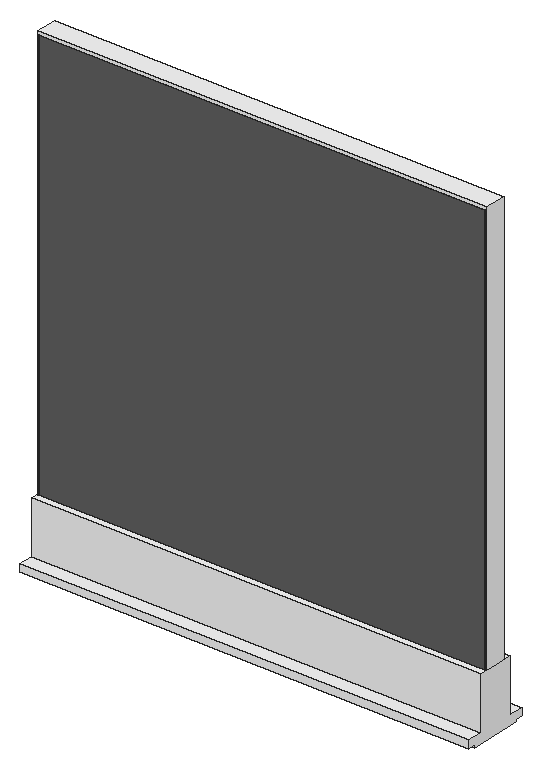
Revit family "Screen-Beam_Mounted-Teknion-JNSAFB_Fabric_Add-On-R2018", category Furniture, Revit 2018
Family settings
  OmniClass Number = 23.40.20.00
  OmniClass Title = General Furniture and Specialties
  Work Plane-Based = No
  Always vertical = Yes
  Cut with Voids When Loaded = No
  Shared = Yes
  Room Calculation Point = No
Parameters (values of type "Low Base Height (18")")
  Width Note [instance] = "This product has widths ranging from 24 to 84 inches in 6 inch increments."  # constant formula
  Width [instance] = 24.000"
  Warranty = "http://www.teknion.com/ca/papers/legal-canada"
  Unit Weight URL = "http://www.teknion.com/ca/tools/assets#&asset=bee6a381-b954-425e-8283-5a2de3a804f2,f828d448-4b62-4231-9e5f-9a8991c0ed77"
  URL = "www.teknion.com"
  Sustainability Data = "http://www.teknion.com/ca/tools/assets#&topic=216f99a5-57a0-44fc-b10a-9dee9b29ae4c&asset=444deb64-fe58-4b68-981e-f75e97781df7"
  Low Base Height = not(Standard Base Height)  # yes
  Has Standard Width [instance] = not(or(Has 120 Connection Width Reduction, Has Beam Full Width Reduction, Has Beam Half Width Reduction))  # no
  Series = "Expansion Cityline"  # constant formula
  Screen Metal Frame Finish [instance] = Mica - Teknion - V - Satin - Very White
  Right Offset [instance] = if(Has Beam Half Width Reduction, 0.847", if(Has Beam Full Width Reduction, 1.693", if(Has 120 Connection Width Reduction, 0.489", 0.000")))  # 0.489"
  Product Page URL = "http://www.teknion.com/ca/products/product-details?productlineid=9ad2a26e-8e7a-673b-a6c8-ff05004460c4"
  Product Line = "Expansion Cityline"  # constant formula
  Product Documentation Link = "http://www.teknion.com/pricing/expansion-cityline/pdfs/JNSAFB_ppg.pdf"
  Part Number = "JNSAFB"  # constant formula
  Model = "JNSAFBL_____"
  Manufacturer Phone = "416-661-3370"  # constant formula
  Manufacturer Fax = "416.661.4586"  # constant formula
  Manufacturer Contact Information = "http://www.teknion.com/ca/contactus"
  Manufacturer Address = "1150 Flint Road, Toronto, ON. M3J 2J5. Canada"  # constant formula
  Manufacturer = "Teknion"  # constant formula
  Left Offset [instance] = if(Has Beam Half Width Reduction, 0.847", if(Has Beam Full Width Reduction, 1.693", if(Has 120 Connection Width Reduction, 0.489", 0.000")))  # 0.489"
  Height Note [instance] = if(Low Base Height, "42 or 51 inches.", "42, 51, or 57 inches.")  # "42 or 51 inches."
  Height [instance] = 42.000"
  Standard Base Height = no
  Fabric Finish [instance] = Fabric-Teknion-RB11-Carbon
  Description = "Fabric Add-On Screen – Beam-Mounted on Center, Low Base Height (18 inches)"
  Has Beam Half Width Reduction [instance] = no
  Has Beam Full Width Reduction [instance] = no
  Base Height = 17.626"
  Assembly Code = "E2020200"
  Has 120 Connection Width Reduction [instance] = yes
Types (2): name | Low Base Height | Has Standard Width | Right Offset | Model | Left Offset | Height Note | Standard Base Height | Description | Base Height | Has 120 Connection Width Reduction
  Standard Base Height (28") | no | yes | 0.000" | "JNSAFBC_____" | 0.000" | "42, 51, or 57 inches." | yes | "Fabric Add-On Screen – Beam-Mounted on Center, Standard Base Height (28 inches)" | 27.81102" | no
  Low Base Height (18") | yes | no | 0.489" | "JNSAFBL_____" | 0.489" | "42 or 51 inches." | no | "Fabric Add-On Screen – Beam-Mounted on Center, Low Base Height (18 inches)" | 17.626" | yes
Reference planes (in)
  plane 1 "Center Front/Back": y = 0
  plane 2: z = 0
  plane 3 "Center Left/Right": x = -0.3805
  plane 4 "Left": x = -11.8915
  plane 5 "Right": x = 11.1305
  plane 6 "Back": y = 0.118
  plane 7 "Front": y = -0.118
  plane 8 "Top": z = 42
  plane 9: z = 17.626
  plane 10: z = 18.00002
  plane 11: z = 20.70474
  plane 12: y = -0.69488
  plane 13: y = 0.69488
  plane 14: y = 0.74988
  plane 15: y = -0.74988
  plane 16: x = -11.81276
  plane 17: x = 11.05176
  plane 18: y = 0.55217
  plane 19: y = -0.55217
  plane 20: z = 41.84252
  plane 21: x = -12.3805
  plane 22: x = 11.6195
Forms (in)
  Extrusion 1, solid, material "Mica - Teknion - V - Satin - Very White" <- "Screen Metal Frame Finish"
    sketch origin (-0.3805, 0, 0) x (0, 1, 0) y (0, 0, 1)
      loop
        line (1.69291, 17.626) -> (1.69291, 18.00002) -> (0.94488, 18.00002) -> (0.94488, 20.70474) -> (-0.03602, 20.70474) -> (-0.94488, 20.70474) -> (-0.94488, 18.00002) -> (-1.69291, 18.00002) -> (-1.69291, 17.626) -> (-1.3248, 17.626) -> (-1.3248, 17.50789) -> (1.3248, 17.50789) -> (1.3248, 17.626) -> (1.69291, 17.626)
    from -11.511 to 11.511
  Extrusion 2, solid, material "Mica - Teknion - V - Satin - Very White" <- "Screen Metal Frame Finish"
    sketch origin (0, -0.118, 0) x (-1, 0, 0) y (0, 0, -1)
      loop
        line (11.8915, -42) -> (11.8915, -20.70474) -> (11.81276, -20.70474) -> (11.81276, -41.84252) -> (-11.05176, -41.84252) -> (-11.05176, -20.70474) -> (-11.1305, -20.70474) -> (-11.1305, -42) -> (11.8915, -42)
    from -0.67017 to 0.43417
  Extrusion 3, solid, material "Fabric-Teknion-RB11-Carbon" <- "Fabric Finish"
    sketch origin (0, -0.118, 0) x (-1, 0, 0) y (0, 0, -1)
      loop
        line (11.81276, -41.84252) -> (11.81276, -20.70474) -> (-11.05176, -20.70474) -> (-11.05176, -41.84252) -> (11.81276, -41.84252)
    from -0.67017 to 0.43417
Lines and regions (in)
  Masking region 1
    outline origin (0, -0.25, 0) x (1, 0, 0) y (0, 1, 0)
      loop
        line (-11.8915, -0.69488) -> (11.1305, -0.69488) -> (11.1305, 1.19488) -> (-11.8915, 1.19488) -> (-11.8915, -0.69488)
  Masking region 2
    outline origin (0, 0, 0) x (1, 0, 0) y (0, 1, 0)
      loop
        line (-11.8915, 1.69291) -> (-11.8915, -1.69291) -> (11.1305, -1.69291) -> (11.1305, 1.69291) -> (-11.8915, 1.69291)
  symbolic lines, detail levels fine
    curve 1: line (52.09199, -0.118, 16.77167) -> (44.59199, -0.118, 16.77167)
  reference lines, not visible
    curve 2: line (-11.8915, 1.69291, 0) -> (-11.8915, -1.69291, 0)
    curve 3: line (-11.8915, 1.69291, 0) -> (11.1305, 1.69291, 0)
    curve 4: line (-11.8915, -1.69291, 0) -> (11.1305, -1.69291, 0)
    curve 5: line (11.1305, 1.69291, 0) -> (11.1305, -1.69291, 0)
  symbolic lines, style "FurnitureHiddenLines", detail levels fine
    curve 6: line (-11.8915, -1.3248, 0) -> (11.1305, -1.3248, 0)
    curve 7: line (11.1305, 1.3248, 0) -> (-11.8915, 1.3248, 0)
  symbolic lines, style "Furniture"
    curve 8: line (11.1305, 0.55217, 0) -> (-11.8915, 0.55217, 0)
    curve 9: line (-11.8915, -0.55217, 0) -> (11.1305, -0.55217, 0)
Dimensions and locks (in)
  "Width": plane 21 to plane 22
  plane 6 "Back" to plane 7 "Front" = 0.236"
  "Height": plane 8 "Top" to level
  "Base Height": plane 9 to plane 2
  plane 8 "Top" to level = 42.000"
  locked: plane 9 to plane 10 at 0.37402
  equal spacing: plane 21, plane 3 "Center Left/Right", plane 22
  plane 11 to plane 9 = 3.07874"
  plane 12 to plane 7 "Front" = 0.57688"
  plane 6 "Back" to plane 13 = 0.57688"
  locked: plane 15 to plane 12 at 0.055
  locked: plane 13 to plane 14 at 0.055
  Extrusion 1 sketch curve to Extrusion 1 sketch curve to plane 6 "Back" = 0.37992" locked, 0.82688" locked
  plane 7 "Front" to Extrusion 1 sketch curve to Extrusion 1 sketch curve = 0.82688" locked, 0.37992" locked
  locked: Extrusion 1 sketch curve to plane 6 "Back" at 1.57491
  locked: plane 7 "Front" to Extrusion 1 sketch curve at 1.57491
  locked: Extrusion 1 sketch curve to plane 9 at 0.11811
  locked: plane 4 "Left" to plane 16 at 0.07874
  plane 6 "Back" to plane 1 "Center Front/Back" to plane 7 "Front" = 0.118" locked, 0.118" locked
  locked: plane 5 "Right" to plane 17 at 0.07874
  locked: plane 12 to plane 19 at 0.14272
  locked: plane 13 to plane 18 at 0.14272
  locked: plane 8 "Top" to plane 20 at 0.15748
  "Left Offset": plane 21 to plane 4 "Left"
  "Right Offset": plane 5 "Right" to plane 22
  aligned and locked: level to plane 2
  aligned and locked: Extrusion 1 to plane 5 "Right"
  aligned and locked: Extrusion 1 to plane 4 "Left"
  aligned and locked: Masking region 1 sketch curve to plane 4 "Left"
  aligned and locked: plane 5 "Right" to Masking region 1 sketch curve
  aligned and locked: plane 9 to Extrusion 1 sketch curve
  aligned and locked: plane 10 to Extrusion 1 sketch curve  (x2)
  aligned and locked: Extrusion 1 sketch curve to plane 9
  aligned and locked: Masking region 2 sketch curve to plane 5 "Right"
  aligned and locked: Masking region 2 sketch curve to plane 4 "Left"
  aligned and locked: curve 2 to plane 4 "Left"
  aligned and locked: curve 5 to plane 5 "Right"
  aligned and locked: curve 3 to Masking region 2
  aligned and locked: curve 4 to Masking region 2
  aligned and locked: Extrusion 2 sketch curve to plane 4 "Left"
  aligned and locked: Extrusion 2 sketch curve to plane 8 "Top"
  aligned and locked: plane 5 "Right" to Extrusion 2 sketch curve
  aligned and locked: Extrusion 2 to plane 19
  aligned and locked: Extrusion 2 to plane 18
  aligned and locked: Extrusion 2 sketch curve to plane 16
  aligned and locked: plane 17 to Extrusion 2 sketch curve
  aligned and locked: Extrusion 3 sketch curve to plane 20
  aligned and locked: Extrusion 3 sketch curve to plane 16
  aligned and locked: plane 17 to Extrusion 3 sketch curve
  aligned and locked: Extrusion 3 to plane 18
  aligned and locked: Extrusion 3 to plane 19
  aligned and locked: Extrusion 2 sketch curve to plane 20
  aligned and locked: Extrusion 1 to plane 11
  aligned and locked: plane 11 to Extrusion 3
  aligned and locked: plane 11 to Extrusion 2  (x2)
  aligned and locked: Masking region 1 to Extrusion 1  (x2)
  aligned and locked: curve 6 to Extrusion 1
  aligned and locked: curve 7 to Extrusion 1
Automatic sketch dimensions
  Masking region 1 sketch curve to plane 15 = 0.195"
  Masking region 1 sketch curve to plane 14 = 0.195"
  plane 1 "Center Front/Back" to Extrusion 1 sketch curve = 0.03602"
  curve 1 to plane 9 = 0.85433"
  plane 5 "Right" to curve 1 = 40.96149"
  curve 1 to curve 1 = 7.500"
  curve 3 to plane 14 = 0.94303"
  curve 5 to plane 15 = 0.94303"
  Extrusion 1 sketch curve to plane 11 = 0.000"
  Masking region 2 sketch curve to plane 15 = 0.94303"
  Masking region 2 sketch curve to plane 14 = 0.94303"
  Extrusion 2 sketch curve to plane 11 = 0.000"  (x2)
  Extrusion 3 sketch curve to plane 11 = 0.000"
  curve 6 to plane 4 "Left" = 0.000"
  curve 7 to plane 4 "Left" = 0.000"
  curve 7 to plane 5 "Right" = 0.000"
  curve 6 to plane 5 "Right" = 0.000"
  curve 8 to plane 4 "Left" = 0.000"
  curve 8 to plane 5 "Right" = 0.000"
  curve 9 to plane 4 "Left" = 0.000"
  curve 9 to plane 5 "Right" = 0.000"
  plane 19 to curve 9 = 0.000"
  curve 8 to plane 18 = 0.000"
